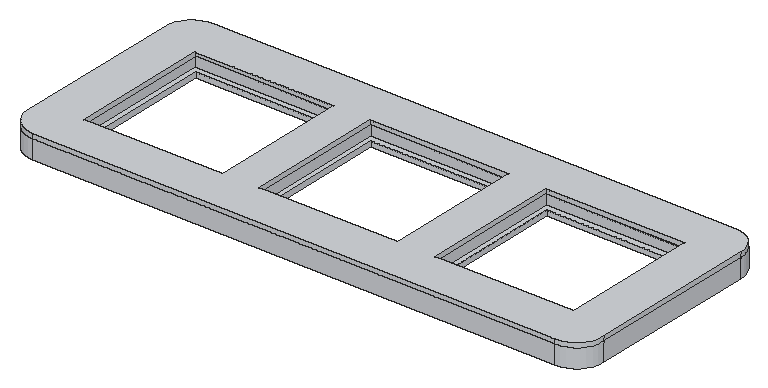
Revit family "Gira_0213413", category Electrical Fixtures, host Face, Revit 2017
Family settings
  Host = Face
  Maintain Annotation Orientation = No
  Round Connector Dimension = Use Diameter
  Part Type = Normal
  Cut with Voids When Loaded = No
  Shared = No
  Room Calculation Point = No
Parameters (values of type "Cov.fr. 3-g Gira E3 dark grey/p.white")
  URL = "http://katalog.gira.de/en/datenblatt.html?artikelnr=0213413"
  Transparent = "No"
  Name = "Cov.fr. 3-g Gira E3 dark grey/p.white"
  Manufacturer URL = "https://www.gira.de/"
  Manufacturer = "Gira"
  Keynote = ""
  HeinzeBIM = "https://bimportal.heinze.de/bim/cov-fr-3-g-gira-e3-dark-grey-p-white/f4487e6c7f405c5c4c5cc33ff46255256286e902"
  HAN = "0213413"
  GTIN = "4010337024040"
  Description = "Cov.fr.3g E3 DgyPw,Gira E3 cover frame,dark grey soft touch with pure white glossy intermediate frame,3-gang,Features:,- Shatter-proof.,,Notes :,- Soft-touch surface,- NCS value: approx. NCS S 7000-N"
  Default Elevation = 1219.2 mm
  Data sheet (1) = "https://katalog.gira.de/en/download.html?artikelnr=0213413"
  Category = "Cover frame for domestic switching devices"
  BIM (1) = "https://media.stage.bim.site/public/gira/36a6b08/E3_Rahmen_3fach.rfa"
  Available = "No"
Reference planes
  plane 1 "Center (Front/Back)": y = 0
  plane 2: z = 0
  plane 3 "Center (Left/Right)": x = 0
Forms (mm)
  Extrusion 1, solid, detail levels fine
    sketch origin (0, 0, 0) x (1, 0, 0) y (0, 1, 0)
      loop
        arc (-106.1, 45.809) -> (-113.884, 42.585) -> (-117.109, 34.8) r 11.009
        line (-117.109, 34.8) -> (-117.109, -34.8)
        arc (-117.109, -34.8) -> (-113.884, -42.585) -> (-106.1, -45.809) r 11.009
        line (-106.1, -45.809) -> (106.1, -45.809)
        arc (106.1, -45.809) -> (113.884, -42.585) -> (117.109, -34.8) r 11.009
        line (117.109, -34.8) -> (117.109, 34.8)
        arc (117.109, 34.8) -> (113.884, 42.585) -> (106.1, 45.809) r 11.009
        line (106.1, 45.809) -> (-106.1, 45.809)
      loop
        line (-43.2, 28.187) -> (-99.456, 28.187) -> (-99.456, -28.187) -> (-43.2, -28.187) -> (-43.2, 28.187)
      loop
        line (-28.3, 28.187) -> (-28.3, -28.187) -> (27.956, -28.187) -> (27.956, 28.187) -> (-28.3, 28.187)
      loop
        line (43.2, 28.187) -> (43.2, -28.187) -> (99.456, -28.187) -> (99.456, 28.187) -> (43.2, 28.187)
    from 7.65 to 9.5
  Extrusion 2, solid, detail levels fine
    sketch origin (-71.5, 0, 0) x (1, 0, 0) y (0, 1, 0)
      loop
        line (26.1, 25.7) -> (-25.7, 25.7) -> (-25.7, -25.7) -> (26.1, -25.7) -> (26.1, 25.7)
      loop
        line (-28.187, -28.156) -> (28.187, -28.156) -> (28.187, 28.156) -> (-28.187, 28.156) -> (-28.187, -28.156)
    from 1.65 to 3.9
  Extrusion 3, solid, detail levels fine
    sketch origin (0, 0, 0) x (1, 0, 0) y (0, 1, 0)
      loop
        arc (-106.1, 45.809) -> (-113.884, 42.585) -> (-117.109, 34.8) r 11.009
        line (-117.109, 34.8) -> (-117.109, -34.8)
        arc (-117.109, -34.8) -> (-113.884, -42.585) -> (-106.1, -45.809) r 11.009
        line (-106.1, -45.809) -> (106.1, -45.809)
        arc (106.1, -45.809) -> (113.884, -42.585) -> (117.109, -34.8) r 11.009
        line (117.109, -34.8) -> (117.109, 34.8)
        arc (117.109, 34.8) -> (113.884, 42.585) -> (106.1, 45.809) r 11.009
        line (106.1, 45.809) -> (-106.1, 45.809)
      loop
        line (-115.143, 34.785) -> (-115.143, -34.785)
        arc (-115.143, -34.785) -> (-112.49, -41.19) -> (-106.084, -43.843) r 9.058
        line (-106.084, -43.843) -> (106.084, -43.843)
        arc (106.084, -43.843) -> (112.49, -41.19) -> (115.143, -34.785) r 9.058
        line (115.143, -34.785) -> (115.143, 34.785)
        arc (115.143, 34.785) -> (112.49, 41.19) -> (106.084, 43.843) r 9.058
        line (106.084, 43.843) -> (-106.084, 43.843)
        arc (-106.084, 43.843) -> (-112.49, 41.19) -> (-115.143, 34.785) r 9.058
    from 0 to 7.65
  Extrusion 4, solid, detail levels fine
    sketch origin (-35.75, 0, 0) x (1, 0, 0) y (0, 1, 0)
      loop
        line (-62.956, -31.075) -> (62.956, -31.075)
        arc (62.956, -31.075) -> (65.599, -29.98) -> (66.694, -27.337) r 3.739
        line (66.694, -27.337) -> (66.694, 27.337)
        arc (66.694, 27.337) -> (65.599, 29.98) -> (62.956, 31.075) r 3.739
        line (62.956, 31.075) -> (-62.956, 31.075)
        arc (-62.956, 31.075) -> (-65.599, 29.98) -> (-66.694, 27.337) r 3.739
        line (-66.694, 27.337) -> (-66.694, -27.337)
        arc (-66.694, -27.337) -> (-65.599, -29.98) -> (-62.956, -31.075) r 3.739
      loop
        line (-65.544, 27.537) -> (-65.544, -27.537)
        arc (-65.544, -27.537) -> (-64.845, -29.226) -> (-63.156, -29.925) r 2.389
        line (-63.156, -29.925) -> (63.156, -29.925)
        arc (63.156, -29.925) -> (64.845, -29.226) -> (65.544, -27.537) r 2.389
        line (65.544, -27.537) -> (65.544, 27.537)
        arc (65.544, 27.537) -> (64.845, 29.226) -> (63.156, 29.925) r 2.389
        line (63.156, 29.925) -> (-63.156, 29.925)
        arc (-63.156, 29.925) -> (-64.845, 29.226) -> (-65.544, 27.537) r 2.389
    from 1.65 to 7.65
  Extrusion 5, solid, detail levels fine
    sketch origin (0, 0, 0) x (1, 0, 0) y (0, 1, 0)
      loop
        line (-103.367, -39.8) -> (103.368, -39.8)
        arc (103.368, -39.8) -> (108.982, -36.708) -> (111.215, -30.7) r 9.2
        line (111.215, -30.7) -> (111.215, 30.7)
        arc (111.215, 30.7) -> (108.52, 37.205) -> (102.015, 39.9) r 9.2
        line (102.015, 39.9) -> (-102.014, 39.9)
        arc (-102.014, 39.9) -> (-108.52, 37.205) -> (-111.214, 30.7) r 9.2
        line (-111.214, 30.7) -> (-111.214, -30.7)
        arc (-111.214, -30.7) -> (-108.982, -36.708) -> (-103.367, -39.8) r 9.2
      loop
        line (-102.014, -31.7) -> (102.015, -31.7)
        arc (102.015, -31.7) -> (102.722, -31.407) -> (103.015, -30.7) r 1
        line (103.015, -30.7) -> (103.015, 30.7)
        arc (103.015, 30.7) -> (102.722, 31.407) -> (102.015, 31.7) r 1
        line (102.015, 31.7) -> (-102.014, 31.7)
        arc (-102.014, 31.7) -> (-102.721, 31.407) -> (-103.014, 30.7) r 1
        line (-103.014, 30.7) -> (-103.014, -30.7)
        arc (-103.014, -30.7) -> (-102.721, -31.407) -> (-102.014, -31.7) r 1
    from 1.65 to 3.9
  Extrusion 6, solid, detail levels fine
    sketch origin (-71.5, 0, 0) x (1, 0, 0) y (0, 1, 0)
      loop
        line (-28.187, 28.156) -> (-28.187, -28.156) -> (28.187, -28.156) -> (28.187, 28.156) -> (-28.187, 28.156)
      loop
        line (-29.925, 29.925) -> (-29.925, -29.925) -> (29.925, -29.925) -> (29.925, 29.925) -> (-29.925, 29.925)
    from 1.65 to 7.65
  Extrusion 7, solid, detail levels coarse+medium
    sketch origin (0, 0, 0) x (1, 0, 0) y (0, 1, 0)
      loop
        line (-117.109, 45.809) -> (-117.109, -45.809) -> (117.109, -45.809) -> (117.109, 45.809) -> (-117.109, 45.809)
    from 0 to 9.5
  Extrusion 8, solid, detail levels fine
    sketch origin (0, 0, 0) x (-1, 0, 0) y (0, -1, 0)
      loop
        line (25.9, -25.7) -> (25.9, 25.7) -> (-25.9, 25.7) -> (-25.9, -25.7) -> (25.9, -25.7)
      loop
        line (-28.187, 28.156) -> (-28.187, -28.156) -> (28.187, -28.156) -> (28.187, 28.156) -> (-28.187, 28.156)
    from 1.65 to 3.9
  Extrusion 9, solid, detail levels fine
    sketch origin (0, 0, 0) x (-1, 0, 0) y (0, -1, 0)
      loop
        line (-28.187, -28.156) -> (28.187, -28.156) -> (28.187, 28.156) -> (-28.187, 28.156) -> (-28.187, -28.156)
      loop
        line (-29.925, -29.925) -> (29.925, -29.925) -> (29.925, 29.925) -> (-29.925, 29.925) -> (-29.925, -29.925)
    from 1.65 to 7.65
  Extrusion 10, solid, detail levels fine
    sketch origin (71.5, 0, 0) x (-1, 0, 0) y (0, -1, 0)
      loop
        line (26.1, -25.7) -> (26.1, 25.7) -> (-25.7, 25.7) -> (-25.7, -25.7) -> (26.1, -25.7)
      loop
        line (-28.187, 28.156) -> (-28.187, -28.156) -> (28.187, -28.156) -> (28.187, 28.156) -> (-28.187, 28.156)
    from 1.65 to 3.9
  Extrusion 11, solid, detail levels fine
    sketch origin (71.5, 0, 0) x (-1, 0, 0) y (0, -1, 0)
      loop
        line (-28.187, -28.156) -> (28.187, -28.156) -> (28.187, 28.156) -> (-28.187, 28.156) -> (-28.187, -28.156)
      loop
        line (-29.925, -29.925) -> (29.925, -29.925) -> (29.925, 29.925) -> (-29.925, 29.925) -> (-29.925, -29.925)
    from 1.65 to 7.65
Dimensions and locks
  aligned and locked: plane 2 to host face
  aligned and locked: level to host face
